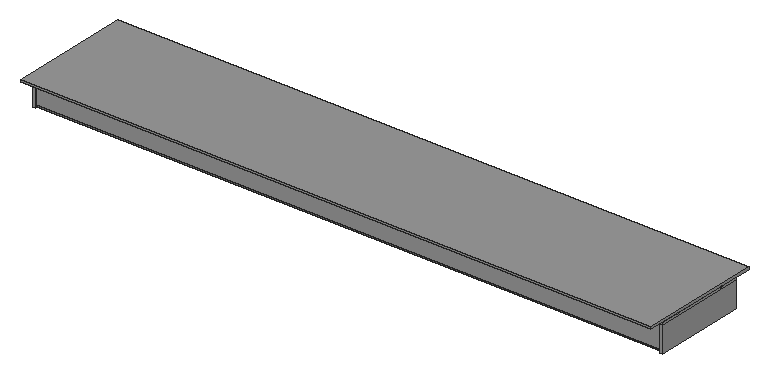
Revit family "Berica 2.2 M", category Lighting Fixtures, Revit 2020 (continued)
Definition of nested family "Light Source Berica 2.2"
  Types (4, lengths in mm): name | Photometric Web File | built-in parameter 1150142
      5 509.90 524.58 538.36 552.04 566.90 580.68 \r\n596.00 610.81 626.33 641.33 657.14 671.71 686.88 701.95 \r\n718.29 734.28 749.84 765.74 781.68 797.89 813.23 829.80 \r\n844.62 861.07 875.84 891.47 907.08 922.28 937.25 951.65 \r\n966.85 980.08 994.75 1007.09 1020.13 1032.84 1044.08 \r\n1056.02 1066.90 1077.22 1087.79 1098.39 \r\n1098.39 1092.65 1087.46 1080.81 1074.64 1067.65 1059.48 \r\n1050.85 1042.30 1032.75 1023.44 1012.43 1000.80 989.57 \r\n976.37 964.64 951.36 938.42 924.31 911.14 895.26 881.87 \r\n865.50 851.73 835.74 819.39 804.19 787.39 771.51 755.37 \r\n739.75 723.04 707.05 690.34 674.15 657.20 641.11 624.46 \r\n608.67 592.45 577.38 561.67 544.85 529.68 513.90 499.42 \r\n483.74 469.36 454.98 440.14 425.54 411.69 397.82 384.21 \r\n371.06 357.53 344.17 331.55 319.45 307.02 294.30 281.74 \r\n269.96 257.74 246.08 235.06 224.11 212.73 201.97 190.22 \r\n180.00 168.99 158.79 148.15 138.11 128.23 117.49 107.58 \r\n98.49 88.81 79.75 70.68 62.17 54.94 47.31 41.11 35.21 \r\n30.56 26.74 23.87 23.16 23.87 26.74 30.56 35.21 41.11 \r\n47.31 54.94 62.17 70.68 79.75 88.81 98.49 107.58 117.49 \r\n128.23 138.11 148.15 158.79 168.99 180.00 190.22 201.97 \r\n212.73 224.11 235.06 246.08 257.74 269.96 281.74 294.30 \r\n307.02 319.45 331.55 344.17 357.53 371.06 384.21 397.82 \r\n411.69 425.54 440.14 454.98 469.36 483.74 499.42 513.90 \r\n529.68 544.85 561.67 577.38 592.45 608.67 624.46 641.11 \r\n657.20 674.15 690.34 707.05 723.04 739.75 755.37 771.51 \r\n787.39 804.19 819.39 835.74 851.73 865.50 881.87 895.26 \r\n911.14 924.31 938.42 951.36 964.64 976.37 989.57 1000.80 \r\n1012.43 1023.44 1032.75 1042.30 1050.85 1059.48 1067.65 \r\n1074.64 1080.81 1087.46 1092.65 1098.39 \r\n1098.39 1097.99 1096.85 1095.16 1093.24 1090.63 1087.40 \r\n1083.44 1078.69 1073.08 1067.47 1060.45 1053.46 1044.91 \r\n1036.30 1027.98 1017.59 1007.31 996.49 984.55 972.44 \r\n959.80 946.67 933.93 920.40 905.28 890.12 874.43 859.69 \r\n842.86 828.28 811.42 794.56 776.80 759.79 741.61 725.45 \r\n707.33 689.25 671.12 652.64 635.54 616.79 598.61 581.15 \r\n563.52 544.54 527.80 510.70 492.78 474.74 457.98 440.49 \r\n424.91 407.57 391.39 375.65 359.41 343.95 328.10 313.48 \r\n298.24 283.90 269.15 255.39 241.42 227.95 214.14 201.79 \r\n188.49 175.54 162.86 150.90 139.38 127.22 116.34 104.76 \r\n93.93 82.50 73.07 62.60 53.63 44.67 36.34 29.72 21.96 \r\n16.42 11.58 7.74 4.89 4.16 4.89 7.74 11.58 16.42 21.96 \r\n29.72 36.34 44.67 53.63 62.60 73.07 82.50 93.93 104.76 \r\n116.34 127.22 139.38 150.90 162.86 175.54 188.49 201.79 \r\n214.14 227.95 241.42 255.39 269.15 283.90 298.24 313.48 \r\n328.10 343.95 359.41 375.65 391.39 407.57 424.91 440.49 \r\n457.98 474.74 492.78 510.70 527.80 544.54 563.52 581.15 \r\n598.61 616.79 635.54 652.64 671.12 689.25 707.33 725.45 \r\n741.61 759.79 776.80 794.56 811.42 828.28 842.86 859.69 \r\n874.43 890.12 905.28 920.40 933.93 946.67 959.80 972.44 \r\n984.55 996.49 1007.31 1017.59 1027.98 1036.30 1044.91 \r\n1053.46 1060.45 1067.47 1073.08 1078.69 1083.44 1087.40 \r\n1090.63 1093.24 1095.16 1096.85 1097.99 1098.39 \r\n1098.39 1102.93 1106.50 1109.82 1112.60 1114.35 1115.45 \r\n1116.28 1115.91 1114.98 1113.20 1110.54 1107.19 1103.04 \r\n1098.08 1092.45 1085.85 1078.58 1071.01 1062.25 1052.74 \r\n1043.01 1032.67 1021.63 1009.25 996.60 982.90 969.10 \r\n954.38 939.27 924.62 909.09 890.55 874.24 856.43 838.47 \r\n819.00 801.03 783.02 763.55 743.44 723.06 704.74 682.54 \r\n662.76 642.76 621.83 601.02 580.32 561.90 540.99 520.94 \r\n500.18 479.50 459.92 441.51 421.08 403.20 383.99 365.05 \r\n346.27 329.81 311.71 294.05 277.64 260.85 244.94 228.99 \r\n213.30 197.87 183.92 169.22 154.93 141.08 128.51 116.31 \r\n103.52 91.17 79.43 69.27 58.39 49.38 40.14 32.62 25.13 \r\n18.91 12.95 8.42 4.93 2.41 1.65 2.41 4.93 8.42 12.95 \r\n18.91 25.13 32.62 40.14 49.38 58.39 69.27 79.43 91.17 \r\n103.52 116.31 128.51 141.08 154.93 169.22 183.92 197.87 \r\n213.30 228.99 244.94 260.85 277.64 294.05 311.71 329.81 \r\n346.27 365.05 383.99 403.20 421.08 441.51 459.92 479.50 \r\n500.18 520.94 540.99 561.90 580.32 601.02 621.83 642.76 \r\n662.76 682.54 704.74 723.06 743.44 763.55 783.02 801.03 \r\n819.00 838.47 856.43 874.24 890.55 909.09 924.62 939.27 \r\n954.38 969.10 982.90 996.60 1009.25 1021.63 1032.67 \r\n1043.01 1052.74 1062.25 1071.01 1078.58 1085.85 1092.45 \r\n1098.08 1103.04 1107.19 1110.54 1113.20 1114.98 1115.91 \r\n1116.28 1115.45 1114.35 1112.60 1109.82 1106.50 1102.93 \r\n1098.39 \r\n1098.39 1108.02 1116.60 1124.07 1131.66 1137.75 1143.38 \r\n1148.05 1152.03 1155.18 1157.55 1159.42 1160.07 1159.70 \r\n1158.52 1156.79 1154.06 1150.00 1146.09 1140.64 1134.62 \r\n1127.27 1119.35 1110.46 1100.79 1089.23 1077.70 1065.04 \r\n1051.20 1037.49 1022.65 1007.15 992.53 976.13 958.55 \r\n941.25 922.63 903.77 885.02 865.18 845.91 823.59 802.97 \r\n781.74 759.13 737.34 715.17 692.00 669.73 646.93 623.12 \r\n600.35 577.11 553.98 531.06 506.74 484.39 461.27 438.85 \r\n416.84 395.79 372.24 350.63 328.58 309.79 288.08 268.43 \r\n248.71 230.11 211.67 195.05 178.69 162.40 147.37 129.31 \r\n113.69 96.17 81.01 68.94 57.90 48.71 39.94 32.88 25.70 \r\n19.80 14.28 9.50 5.49 2.67 1.30 0.70 1.30 2.67 5.49 9.50 \r\n14.28 19.80 25.70 32.88 39.94 48.71 57.90 68.94 81.01 \r\n96.17 113.69 129.31 147.37 162.40 178.69 195.05 211.67 \r\n230.11 248.71 268.43 288.08 309.79 328.58 350.63 372.24 \r\n395.79 416.84 438.85 461.27 484.39 506.74 531.06 553.98 \r\n577.11 600.35 623.12 646.93 669.73 692.00 715.17 737.34 \r\n759.13 781.74 802.97 823.59 845.91 865.18 885.02 903.77 \r\n922.63 941.25 958.55 976.13 992.53 1007.15 1022.65 \r\n1037.49 1051.20 1065.04 1077.70 1089.23 1100.79 1110.46 \r\n1119.35 1127.27 1134.62 1140.64 1146.09 1150.00 1154.06 \r\n1156.79 1158.52 1159.70 1160.07 1159.42 1157.55 1155.18 \r\n1152.03 1148.05 1143.38 1137.75 1131.66 1124.07 1116.60 \r\n1108.02 1098.39 \r\n1098.39 1112.97 1126.16 1138.37 1150.34 1160.56 1170.60 \r\n1179.43 1188.78 1196.11 1203.04 1209.20 1214.11 1217.74 \r\n1220.91 1222.77 1223.28 1222.85 1221.32 1218.11 1214.71 \r\n1210.87 1206.12 1200.55 1193.61 1186.08 1177.52 1167.75 \r\n1156.88 1145.27 1133.24 1120.25 1105.09 1090.33 1074.12 \r\n1056.47 1038.27 1019.55 1000.24 979.74 958.71 936.36 \r\n914.14 892.34 868.47 844.25 819.06 793.70 769.03 743.56 \r\n717.63 691.17 663.25 634.95 609.81 580.22 551.87 524.57 \r\n497.82 470.92 445.72 419.35 396.46 370.33 346.77 322.69 \r\n298.44 268.77 238.18 206.84 174.93 143.33 117.47 101.96 \r\n85.03 68.04 54.94 47.03 40.14 34.06 27.98 23.54 18.71 \r\n14.61 10.79 7.37 4.56 2.30 1.14 0.55 0.46 0.55 1.14 2.30 \r\n4.56 7.37 10.79 14.61 18.71 23.54 27.98 34.06 40.14 47.03 \r\n54.94 68.04 85.03 101.96 117.47 143.33 174.93 206.84 \r\n238.18 268.77 298.44 322.69 346.77 370.33 396.46 419.35 \r\n445.72 470.92 497.82 524.57 551.87 580.22 609.81 634.95 \r\n663.25 691.17 717.63 743.56 769.03 793.70 819.06 844.25 \r\n868.47 892.34 914.14 936.36 958.71 979.74 1000.24 1019.55 \r\n1038.27 1056.47 1074.12 1090.33 1105.09 1120.25 1133.24 \r\n1145.27 1156.88 1167.75 1177.52 1186.08 1193.61 1200.55 \r\n1206.12 1210.87 1214.71 1218.11 1221.32 1222.85 1223.28 \r\n1222.77 1220.91 1217.74 1214.11 1209.20 1203.04 1196.11 \r\n1188.78 1179.43 1170.60 1160.56 1150.34 1138.37 1126.16 \r\n1112.97 1098.39 \r\n1098.39 1117.57 1136.29 1150.89 1168.25 1182.80 1198.24 \r\n1211.54 1224.08 1236.51 1248.51 1257.54 1266.44 1274.28 \r\n1280.26 1285.16 1289.32 1293.40 1296.22 1298.41 1299.20 \r\n1299.38 1297.26 1295.18 1291.28 1286.47 1279.67 1272.82 \r\n1263.24 1253.91 1242.17 1230.38 1216.57 1201.50 1185.91 \r\n1169.12 1150.59 1131.84 1111.27 1090.43 1070.50 1046.07 \r\n1022.60 997.30 971.62 945.83 916.45 888.25 859.51 827.72 \r\n799.63 771.00 740.61 712.92 681.94 650.90 621.75 591.02 \r\n561.15 531.82 493.52 449.94 400.47 348.93 298.33 243.73 \r\n194.76 157.47 133.01 113.61 88.90 66.02 51.70 44.39 38.72 \r\n33.89 28.62 24.27 20.62 17.12 14.10 11.06 8.63 6.53 4.69 \r\n3.11 1.81 0.93 0.53 0.40 0.39 0.40 0.53 0.93 1.81 3.11 \r\n4.69 6.53 8.63 11.06 14.10 17.12 20.62 24.27 28.62 33.89 \r\n38.72 44.39 51.70 66.02 88.90 113.61 133.01 157.47 194.76 \r\n243.73 298.33 348.93 400.47 449.94 493.52 531.82 561.15 \r\n591.02 621.75 650.90 681.94 712.92 740.61 771.00 799.63 \r\n827.72 859.51 888.25 916.45 945.83 971.62 997.30 1022.60 \r\n1046.07 1070.50 1090.43 1111.27 1131.84 1150.59 1169.12 \r\n1185.91 1201.50 1216.57 1230.38 1242.17 1253.91 1263.24 \r\n1272.82 1279.67 1286.47 1291.28 1295.18 1297.26 1299.38 \r\n1299.20 1298.41 1296.22 1293.40 1289.32 1285.16 1280.26 \r\n1274.28 1266.44 1257.54 1248.51 1236.51 1224.08 1211.54 \r\n1198.24 1182.80 1168.25 1150.89 1136.29 1117.57 1098.39 \r\n1098.39 1121.27 1144.50 1163.07 1184.48 1203.78 1223.42 \r\n1241.27 1258.90 1275.29 1289.75 1302.73 1315.20 1326.11 \r\n1337.64 1347.50 1357.08 1364.88 1371.53 1376.95 1380.57 \r\n1383.49 1384.79 1384.58 1382.73 1379.68 1374.73 1368.74 \r\n1361.48 1351.61 1341.98 1329.46 1315.88 1301.32 1285.38 \r\n1268.86 1248.78 1229.21 1207.21 1186.11 1159.83 1133.69 \r\n1104.08 1077.76 1050.28 1021.15 993.48 963.84 934.22 \r\n901.29 871.40 837.87 806.87 771.27 733.40 680.89 617.50 \r\n551.58 486.12 413.92 338.12 269.10 206.79 170.91 144.70 \r\n119.53 87.50 57.57 39.25 32.45 28.18 24.94 21.25 18.00 \r\n14.91 12.89 11.10 9.36 7.84 6.33 5.03 3.85 2.95 2.11 1.55 \r\n1.05 0.63 0.41 0.34 0.33 0.32 0.33 0.34 0.41 0.63 1.05 \r\n1.55 2.11 2.95 3.85 5.03 6.33 7.84 9.36 11.10 12.89 14.91 \r\n18.00 21.25 24.94 28.18 32.45 39.25 57.57 87.50 119.53 \r\n144.70 170.91 206.79 269.10 338.12 413.92 486.12 551.58 \r\n617.50 680.89 733.40 771.27 806.87 837.87 871.40 901.29 \r\n934.22 963.84 993.48 1021.15 1050.28 1077.76 1104.08 \r\n1133.69 1159.83 1186.11 1207.21 1229.21 1248.78 1268.86 \r\n1285.38 1301.32 1315.88 1329.46 1341.98 1351.61 1361.48 \r\n1368.74 1374.73 1379.68 1382.73 1384.58 1384.79 1383.49 \r\n1380.57 1376.95 1371.53 1364.88 1357.08 1347.50 1337.64 \r\n1326.11 1315.20 1302.73 1289.75 1275.29 1258.90 1241.27 \r\n1223.42 1203.78 1184.48 1163.07 1144.50 1121.27 1098.39 \r\n1098.39 1127.14 1154.58 1178.32 1201.81 1226.66 1249.47 \r\n1272.21 1293.26 1312.79 1331.22 1348.96 1364.40 1383.59 \r\n1397.32 1411.71 1424.11 1435.73 1445.24 1453.05 1459.62 \r\n1464.10 1467.29 1468.46 1467.61 1465.73 1461.48 1456.45 \r\n1448.66 1439.50 1429.11 1417.06 1402.25 1386.53 1367.12 \r\n1348.18 1325.37 1300.80 1277.16 1250.89 1227.10 1198.21 \r\n1170.21 1140.05 1108.71 1078.14 1045.70 1010.09 977.23 \r\n937.80 881.30 809.35 731.55 655.01 568.25 475.32 397.15 \r\n322.30 245.77 198.80 168.75 137.87 99.73 62.44 35.82 \r\n22.59 18.35 15.90 13.27 10.98 8.71 6.38 5.35 4.85 4.34 \r\n3.84 3.37 2.81 2.35 1.92 1.52 1.16 0.87 0.65 0.51 0.39 \r\n0.32 0.28 0.27 0.26 0.26 0.26 0.27 0.28 0.32 0.39 0.51 \r\n0.65 0.87 1.16 1.52 1.92 2.35 2.81 3.37 3.84 4.34 4.85 \r\n5.35 6.38 8.71 10.98 13.27 15.90 18.35 22.59 35.82 62.44 \r\n99.73 137.87 168.75 198.80 245.77 322.30 397.15 475.32 \r\n568.25 655.01 731.55 809.35 881.30 937.80 977.23 1010.09 \r\n1045.70 1078.14 1108.71 1140.05 1170.21 1198.21 1227.10 \r\n1250.89 1277.16 1300.80 1325.37 1348.18 1367.12 1386.53 \r\n1402.25 1417.06 1429.11 1439.50 1448.66 1456.45 1461.48 \r\n1465.73 1467.61 1468.46 1467.29 1464.10 1459.62 1453.05 \r\n1445.24 1435.73 1424.11 1411.71 1397.32 1383.59 1364.40 \r\n1348.96 1331.22 1312.79 1293.26 1272.21 1249.47 1226.66 \r\n1201.81 1178.32 1154.58 1127.14 1098.39 \r\n1098.39 1130.95 1161.12 1190.25 1217.60 1245.96 1271.74 \r\n1298.97 1323.92 1347.35 1368.13 1391.28 1412.26 1432.61 \r\n1451.92 1468.91 1483.74 1497.91 1509.39 1519.68 1527.20 \r\n1532.62 1536.97 1538.36 1538.38 1536.71 1532.28 1526.08 \r\n1518.19 1507.56 1495.59 1481.40 1462.98 1441.74 1419.77 \r\n1396.49 1373.21 1347.09 1320.94 1292.40 1262.89 1231.36 \r\n1197.47 1163.19 1126.91 1084.29 1025.12 941.66 854.91 \r\n762.18 667.33 565.09 473.34 390.70 314.74 248.45 205.80 \r\n179.38 141.16 99.79 60.94 31.97 17.35 14.37 12.04 9.75 \r\n7.66 5.74 3.32 1.52 1.33 1.24 1.14 1.06 0.97 0.88 0.79 \r\n0.70 0.62 0.54 0.48 0.41 0.36 0.31 0.27 0.24 0.22 0.21 \r\n0.21 0.21 0.21 0.21 0.21 0.21 0.22 0.24 0.27 0.31 0.36 \r\n0.41 0.48 0.54 0.62 0.70 0.79 0.88 0.97 1.06 1.14 1.24 \r\n1.33 1.52 3.32 5.74 7.66 9.75 12.04 14.37 17.35 31.97 \r\n60.94 99.79 141.16 179.38 205.80 248.45 314.74 390.70 \r\n473.34 565.09 667.33 762.18 854.91 941.66 1025.12 1084.29 \r\n1126.91 1163.19 1197.47 1231.36 1262.89 1292.40 1320.94 \r\n1347.09 1373.21 1396.49 1419.77 1441.74 1462.98 1481.40 \r\n1495.59 1507.56 1518.19 1526.08 1532.28 1536.71 1538.38 \r\n1538.36 1536.97 1532.62 1527.20 1519.68 1509.39 1497.91 \r\n1483.74 1468.91 1451.92 1432.61 1412.26 1391.28 1368.13 \r\n1347.35 1323.92 1298.97 1271.74 1245.96 1217.60 1190.25 \r\n1161.12 1130.95 1098.39 \r\n1098.39 1136.46 1170.23 1202.23 1234.29 1266.50 1295.84 \r\n1326.06 1354.71 1381.93 1408.20 1435.56 1458.50 1482.87 \r\n1505.43 1524.60 1542.88 1557.91 1570.78 1581.67 1590.63 \r\n1596.19 1600.34 1601.51 1601.22 1598.82 1593.07 1584.70 \r\n1573.16 1557.36 1540.38 1520.12 1501.12 1478.50 1453.62 \r\n1427.65 1399.51 1366.77 1334.78 1299.75 1267.83 1228.86 \r\n1176.93 1094.65 1003.44 904.03 801.04 690.92 582.76 \r\n493.12 404.79 335.56 257.80 221.28 190.90 153.20 107.40 \r\n71.22 38.09 20.73 15.93 13.44 11.05 8.78 6.94 4.64 2.08 \r\n0.62 0.54 0.50 0.47 0.44 0.42 0.39 0.37 0.34 0.32 0.29 \r\n0.26 0.24 0.22 0.21 0.19 0.18 0.18 0.17 0.17 0.17 0.17 \r\n0.17 0.17 0.17 0.17 0.17 0.17 0.17 0.18 0.18 0.19 0.21 \r\n0.22 0.24 0.26 0.29 0.32 0.34 0.37 0.39 0.42 0.44 0.47 \r\n0.50 0.54 0.62 2.08 4.64 6.94 8.78 11.05 13.44 15.93 \r\n20.73 38.09 71.22 107.40 153.20 190.90 221.28 257.80 \r\n335.56 404.79 493.12 582.76 690.92 801.04 904.03 1003.44 \r\n1094.65 1176.93 1228.86 1267.83 1299.75 1334.78 1366.77 \r\n1399.51 1427.65 1453.62 1478.50 1501.12 1520.12 1540.38 \r\n1557.36 1573.16 1584.70 1593.07 1598.82 1601.22 1601.51 \r\n1600.34 1596.19 1590.63 1581.67 1570.78 1557.91 1542.88 \r\n1524.60 1505.43 1482.87 1458.50 1435.56 1408.20 1381.93 \r\n1354.71 1326.06 1295.84 1266.50 1234.29 1202.23 1170.23 \r\n1136.46 1098.39 \r\n1098.39 1140.10 1176.18 1211.61 1248.43 1281.89 1317.93 \r\n1349.65 1381.77 1412.53 1445.48 1473.09 1500.75 1525.53 \r\n1550.97 1573.07 1591.03 1607.40 1621.47 1632.42 1640.39 \r\n1646.46 1649.49 1649.86 1647.79 1642.03 1632.31 1617.61 \r\n1601.25 1582.21 1563.43 1542.19 1516.67 1489.48 1459.06 \r\n1427.17 1391.51 1354.84 1316.40 1266.52 1189.19 1084.09 \r\n980.86 862.84 746.53 627.04 532.15 439.53 365.16 289.91 \r\n241.19 210.83 176.29 130.90 88.70 57.09 29.73 18.13 15.55 \r\n13.28 10.95 8.70 6.78 4.34 1.61 0.27 0.19 0.18 0.17 0.17 \r\n0.16 0.16 0.16 0.15 0.15 0.15 0.15 0.15 0.14 0.14 0.14 \r\n0.14 0.14 0.14 0.13 0.13 0.13 0.13 0.13 0.13 0.13 0.13 \r\n0.13 0.13 0.13 0.13 0.13 0.14 0.14 0.14 0.14 0.14 0.14 \r\n0.15 0.15 0.15 0.15 0.15 0.16 0.16 0.16 0.17 0.17 0.18 \r\n0.19 0.27 1.61 4.34 6.78 8.70 10.95 13.28 15.55 18.13 \r\n29.73 57.09 88.70 130.90 176.29 210.83 241.19 289.91 \r\n365.16 439.53 532.15 627.04 746.53 862.84 980.86 1084.09 \r\n1189.19 1266.52 1316.40 1354.84 1391.51 1427.17 1459.06 \r\n1489.48 1516.67 1542.19 1563.43 1582.21 1601.25 1617.61 \r\n1632.31 1642.03 1647.79 1649.86 1649.49 1646.46 1640.39 \r\n1632.42 1621.47 1607.40 1591.03 1573.07 1550.97 1525.53 \r\n1500.75 1473.09 1445.48 1412.53 1381.77 1349.65 1317.93 \r\n1281.89 1248.43 1211.61 1176.18 1140.10 1098.39 \r\n1098.39 1146.55 1184.55 1225.18 1262.41 1301.38 1338.68 \r\n1373.46 1409.89 1442.05 1477.84 1509.76 1540.04 1570.22 \r\n1595.02 1618.00 1637.67 1653.81 1667.68 1678.87 1686.55 \r\n1690.94 1692.95 1690.37 1683.82 1673.65 1657.87 1640.46 \r\n1621.05 1598.71 1573.45 1547.42 1515.96 1482.65 1444.05 \r\n1405.72 1363.26 1303.79 1203.30 1094.35 974.46 854.64 \r\n721.21 598.86 507.57 421.15 346.59 275.12 234.53 206.17 \r\n168.04 122.89 84.04 53.17 28.16 18.12 15.63 13.56 11.22 \r\n9.19 7.21 4.66 2.21 0.38 0.15 0.13 0.12 0.12 0.12 0.12 \r\n0.11 0.11 0.11 0.11 0.11 0.11 0.10 0.10 0.10 0.10 0.10 \r\n0.10 0.10 0.10 0.10 0.10 0.10 0.10 0.10 0.10 0.10 0.10 \r\n0.10 0.10 0.10 0.10 0.10 0.10 0.10 0.10 0.10 0.10 0.10 \r\n0.10 0.10 0.11 0.11 0.11 0.11 0.11 0.11 0.12 0.12 0.12 \r\n0.12 0.13 0.15 0.38 2.21 4.66 7.21 9.19 11.22 13.56 15.63 \r\n18.12 28.16 53.17 84.04 122.89 168.04 206.17 234.53 \r\n275.12 346.59 421.15 507.57 598.86 721.21 854.64 974.46 \r\n1094.35 1203.30 1303.79 1363.26 1405.72 1444.05 1482.65 \r\n1515.96 1547.42 1573.45 1598.71 1621.05 1640.46 1657.87 \r\n1673.65 1683.82 1690.37 1692.95 1690.94 1686.55 1678.87 \r\n1667.68 1653.81 1637.67 1618.00 1595.02 1570.22 1540.04 \r\n1509.76 1477.84 1442.05 1409.89 1373.46 1338.68 1301.38 \r\n1262
